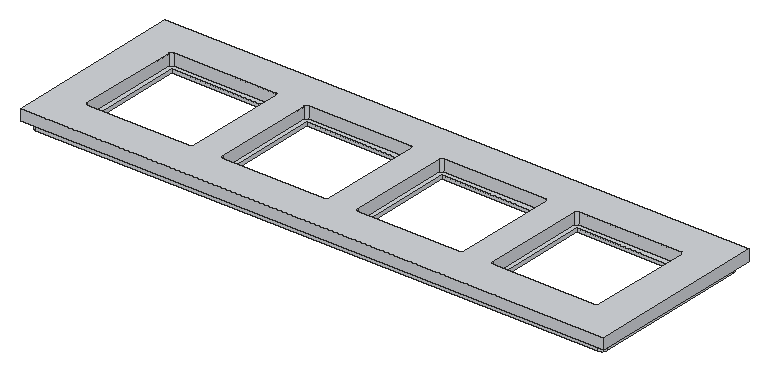
Revit family "Gira_0214219", category Electrical Fixtures, host Face, Revit 2017
Family settings
  Host = Face
  Maintain Annotation Orientation = No
  Round Connector Dimension = Use Diameter
  Part Type = Normal
  Cut with Voids When Loaded = No
  Shared = No
  Room Calculation Point = No
Parameters (values of type "Abdeckrahmen 4f Gira Esprit Edelstahl")
  Werkstoffgüte = "edelstahl"
  Werkstoff = "Metall"
  URL = "http://katalog.gira.de/de_DE/datenblatt.html?artikelnr=0214219"
  Transparent = "No"
  Textfeld/Beschriftungsfläche = "No"
  Schutzart (IP) = "IP20"
  Region = "DE"
  Oberfläche = "sonstige"
  Name = "Abdeckrahmen 4f Gira Esprit Edelstahl"
  Montagerichtung = "horizontal und vertikal"
  Mit Montagerahmen = "No"
  Mit Klappdeckel = "No"
  Manufacturer URL = "https://www.gira.de/"
  Keynote = "Espr._Rahmen_4fach"
  HeinzeBIM = "https://bimportal.heinze.de/bim/abdeckrahmen-4f-gira-esprit-edelstahl/c07185ef7bad493d5ae60838a26e84a369d26c2a"
  Halogenfrei = "No"
  HAN = "0214219"
  Geeignet für Unterputz-Installation = "Yes"
  Geeignet für Unterflurkanaldose = "No"
  Geeignet für Geräteeinbaukanal = "No"
  Geeignet für Einbauinstallation = "No"
  GTIN = "4010337015796"
  Farbe = "edelstahl"
  Default Elevation = 1219.2 mm
  Data sheet (1) = "https://katalog.gira.de/de_DE/download.html?artikelnr=0214219"
  Category = "Abdeckrahmen"
  Befestigungsart = "Klemmbefestigung"
  Available = "Yes"
  Anzahl der Einheiten vertikal = "4 "
  Anzahl der Einheiten horizontal = "4 "
  Anzahl der Einheiten = "4 "
Reference planes
  plane 1 "Center (Front/Back)": y = 0
  plane 2: z = 0
  plane 3 "Center (Left/Right)": x = 0
Forms (mm)
  Extrusion 1, solid, detail levels fine
    sketch origin (0, 0, 0) x (1, 0, 0) y (0, 1, 0)
      loop
        line (-154, 47.5) -> (-154, -47.5) -> (154, -47.5) -> (154, 47.5) -> (-154, 47.5)
      loop
        arc (-135.25, -26.8) -> (-134.811, -27.861) -> (-133.75, -28.3) r 1.5
        line (-133.75, -28.3) -> (-80.15, -28.3)
        arc (-80.15, -28.3) -> (-79.089, -27.861) -> (-78.65, -26.8) r 1.5
        line (-78.65, -26.8) -> (-78.65, 26.8)
        arc (-78.65, 26.8) -> (-79.089, 27.861) -> (-80.15, 28.3) r 1.5
        line (-80.15, 28.3) -> (-133.75, 28.3)
        arc (-133.75, 28.3) -> (-134.811, 27.861) -> (-135.25, 26.8) r 1.5
        line (-135.25, 26.8) -> (-135.25, -26.8)
      loop
        arc (-63.95, -26.8) -> (-63.511, -27.861) -> (-62.45, -28.3) r 1.5
        line (-62.45, -28.3) -> (-8.85, -28.3)
        arc (-8.85, -28.3) -> (-7.789, -27.861) -> (-7.35, -26.8) r 1.5
        line (-7.35, -26.8) -> (-7.35, 26.8)
        arc (-7.35, 26.8) -> (-7.789, 27.861) -> (-8.85, 28.3) r 1.5
        line (-8.85, 28.3) -> (-62.45, 28.3)
        arc (-62.45, 28.3) -> (-63.511, 27.861) -> (-63.95, 26.8) r 1.5
        line (-63.95, 26.8) -> (-63.95, -26.8)
      loop
        arc (7.35, -26.8) -> (7.789, -27.861) -> (8.85, -28.3) r 1.5
        line (8.85, -28.3) -> (62.45, -28.3)
        arc (62.45, -28.3) -> (63.511, -27.861) -> (63.95, -26.8) r 1.5
        line (63.95, -26.8) -> (63.95, 26.8)
        arc (63.95, 26.8) -> (63.511, 27.861) -> (62.45, 28.3) r 1.5
        line (62.45, 28.3) -> (8.85, 28.3)
        arc (8.85, 28.3) -> (7.789, 27.861) -> (7.35, 26.8) r 1.5
        line (7.35, 26.8) -> (7.35, -26.8)
      loop
        arc (78.65, -26.8) -> (79.089, -27.861) -> (80.15, -28.3) r 1.5
        line (80.15, -28.3) -> (133.75, -28.3)
        arc (133.75, -28.3) -> (134.811, -27.861) -> (135.25, -26.8) r 1.5
        line (135.25, -26.8) -> (135.25, 26.8)
        arc (135.25, 26.8) -> (134.811, 27.861) -> (133.75, 28.3) r 1.5
        line (133.75, 28.3) -> (80.15, 28.3)
        arc (80.15, 28.3) -> (79.089, 27.861) -> (78.65, 26.8) r 1.5
        line (78.65, 26.8) -> (78.65, -26.8)
    from 0 to 6
  Extrusion 2, solid, detail levels fine
    sketch origin (0, 0, 0) x (1, 0, 0) y (0, 1, 0)
      loop
        line (-132.85, -25.7) -> (-81.05, -25.7) -> (-81.05, 25.7) -> (-132.85, 25.7) -> (-132.85, -25.7)
      loop
        line (61.55, 25.7) -> (9.75, 25.7) -> (9.75, -25.7) -> (61.55, -25.7) -> (61.55, 25.7)
      loop
        arc (-149.85, -41.4) -> (-149.323, -42.673) -> (-148.05, -43.2) r 1.8
        line (-148.05, -43.2) -> (148.05, -43.2)
        arc (148.05, -43.2) -> (149.323, -42.673) -> (149.85, -41.4) r 1.8
        line (149.85, -41.4) -> (149.85, 41.4)
        arc (149.85, 41.4) -> (149.323, 42.673) -> (148.05, 43.2) r 1.8
        line (148.05, 43.2) -> (-148.05, 43.2)
        arc (-148.05, 43.2) -> (-149.323, 42.673) -> (-149.85, 41.4) r 1.8
        line (-149.85, 41.4) -> (-149.85, -41.4)
      loop
        line (-9.75, 25.7) -> (-61.55, 25.7) -> (-61.55, -25.7) -> (-9.75, -25.7) -> (-9.75, 25.7)
      loop
        line (132.85, 25.7) -> (81.05, 25.7) -> (81.05, -25.7) -> (132.85, -25.7) -> (132.85, 25.7)
    from -1.9 to 0
  Extrusion 3, solid, detail levels fine
    sketch origin (0, 0, 0) x (1, 0, 0) y (0, 1, 0)
      loop
        arc (-148.05, 44.4) -> (-150.171, 43.521) -> (-151.05, 41.4) r 3
        line (-151.05, 41.4) -> (-151.05, -41.4)
        arc (-151.05, -41.4) -> (-150.171, -43.521) -> (-148.05, -44.4) r 3
        line (-148.05, -44.4) -> (148.05, -44.4)
        arc (148.05, -44.4) -> (150.171, -43.521) -> (151.05, -41.4) r 3
        line (151.05, -41.4) -> (151.05, 41.4)
        arc (151.05, 41.4) -> (150.171, 43.521) -> (148.05, 44.4) r 3
        line (148.05, 44.4) -> (-148.05, 44.4)
      loop
        arc (-149.85, -41.4) -> (-149.323, -42.673) -> (-148.05, -43.2) r 1.8
        line (-148.05, -43.2) -> (148.05, -43.2)
        arc (148.05, -43.2) -> (149.323, -42.673) -> (149.85, -41.4) r 1.8
        line (149.85, -41.4) -> (149.85, 41.4)
        arc (149.85, 41.4) -> (149.323, 42.673) -> (148.05, 43.2) r 1.8
        line (148.05, 43.2) -> (-148.05, 43.2)
        arc (-148.05, 43.2) -> (-149.323, 42.673) -> (-149.85, 41.4) r 1.8
        line (-149.85, 41.4) -> (-149.85, -41.4)
    from -3.7 to 0
  Extrusion 4, solid, detail levels medium
    sketch origin (0, 0, 0) x (1, 0, 0) y (0, 1, 0)
      loop
        line (-154, 47.5) -> (-154, -47.5) -> (154, -47.5) -> (154, 47.5) -> (-154, 47.5)
    from 0 to 6
  Extrusion 5, solid, detail levels medium
    sketch origin (0, 0, 0) x (1, 0, 0) y (0, 1, 0)
      loop
        line (-154, 44.4) -> (-154, -44.4) -> (154, -44.4) -> (154, 44.4) -> (-154, 44.4)
    from -3.7 to 0
  Extrusion 6, solid, detail levels coarse
    sketch origin (0, 0, 0) x (1, 0, 0) y (0, 1, 0)
      loop
        line (-154, 47.5) -> (-154, -47.5) -> (154, -47.5) -> (154, 47.5) -> (-154, 47.5)
    from -3.7 to 6
Dimensions and locks
  aligned and locked: plane 2 to host face
  aligned and locked: level to host face
